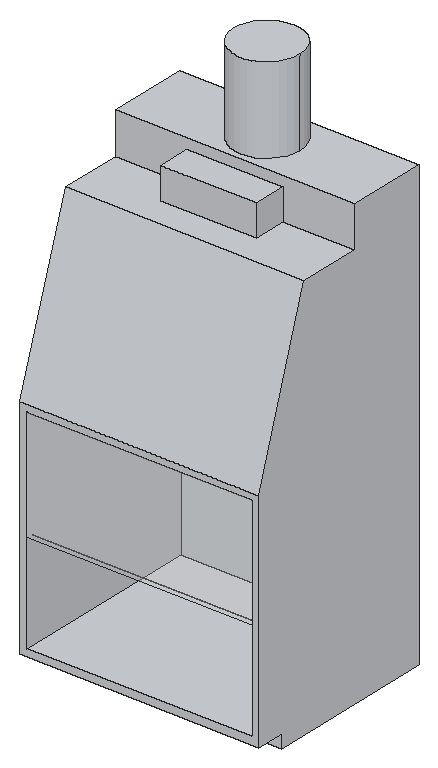
Revit family "7826164626cb4e6d8b4ea6069e4619fd", category Air Terminals, Revit 2021
Family settings
  Round Connector Dimension = Use Diameter
  Part Type = Normal
  OmniClass Number = 23.40.70.11.11.11.14
  OmniClass Title = Laboratory Fume Hoods
  Seek Item ID = Fume Hood - Exhaust - Station-0000-USA-ENU
  Work Plane-Based = No
  Always vertical = Yes
  Cut with Voids When Loaded = No
  Shared = No
  Room Calculation Point = No
Parameters (values of type "36"x30"x80.5"")
  Width 3 = 0' - 9 1/2"
  Width 2 = 1' - 0"
  Width 1 = 0' - 5"
  Voltage = 110 V
  Safety Glass = Glass
  Pressure Drop [instance] = 0.55 in-wg
  Number of Poles = 1
  Min Flow = 290 CFM
  Max Flow = 1166 CFM
  Load Classification = Cooling
  Length 2 = Length 1 / 2  # 0' - 7.2"
  Length 1 = 0.4 * Hood Length  # 1' - 2.4"
  Hood Width = 2' - 6"
  Hood Material = none
  Hood Length = 3' - 0"
  Default Elevation = 0' - 0"
  Apparent Load = 60 VA
  Air Flow [instance] = 1166 CFM
Types (16): name | Width 3 | Width 2 | Width 1 | Safety Glass | Pressure Drop | Length 2 | Length 1 | Hood Width | Hood Length
  (no name) | 0' - 9 1/2" | 1' - 0" | 0' - 5" | Glass | 0.55 in-wg | 0' - 7.2" | 1' - 2.4" | 2' - 6" | 3' - 0"
  36"x30"x80.5" | 0' - 9 1/2" | 1' - 0" | 0' - 5" | Glass | 0.55 in-wg | 0' - 7.2" | 1' - 2.4" | 2' - 6" | 3' - 0"
  36"x36"x80.5" | 1' - 1" | 1' - 2 1/2" | 0' - 8 1/2" | none | 0.00 in-wg | 0' - 7.2" | 1' - 2.4" | 3' - 0" | 3' - 0"
  36"x42"x80.5" | 1' - 4 1/2" | 1' - 5" | 1' - 0" | none | 0.00 in-wg | 0' - 7.2" | 1' - 2.4" | 3' - 6" | 3' - 0"
  48"x30"x80.5" | 0' - 9 1/2" | 1' - 0" | 0' - 5" | none | 0.00 in-wg | 0' - 9.6" | 1' - 7.2" | 2' - 6" | 4' - 0"
  48"x36"x80.5" | 1' - 1" | 1' - 2 1/2" | 0' - 8 1/2" | none | 0.00 in-wg | 0' - 9.6" | 1' - 7.2" | 3' - 0" | 4' - 0"
  48"x42"x80.5" | 1' - 4 1/2" | 1' - 5" | 1' - 0" | none | 0.00 in-wg | 0' - 9.6" | 1' - 7.2" | 3' - 6" | 4' - 0"
  60"x30"x80.5" | 0' - 9 1/2" | 1' - 0" | 0' - 5" | none | 0.00 in-wg | 1' - 0" | 2' - 0" | 2' - 6" | 5' - 0"
  60"x36"x80.5" | 1' - 1" | 1' - 2 1/2" | 0' - 8 1/2" | none | 0.00 in-wg | 1' - 0" | 2' - 0" | 3' - 0" | 5' - 0"
  60"x42"x80.5" | 1' - 4 1/2" | 1' - 5" | 1' - 0" | none | 0.00 in-wg | 1' - 0" | 2' - 0" | 3' - 6" | 5' - 0"
  72"x30"x80.5" | 0' - 9 1/2" | 1' - 0" | 0' - 5" | none | 0.00 in-wg | 1' - 2.4" | 2' - 4.8" | 2' - 6" | 6' - 0"
  72"x36"x80.5" | 1' - 1" | 1' - 2 1/2" | 0' - 8 1/2" | none | 0.00 in-wg | 1' - 2.4" | 2' - 4.8" | 3' - 0" | 6' - 0"
  72"x42"x80.5" | 1' - 4 1/2" | 1' - 5" | 1' - 0" | none | 0.00 in-wg | 1' - 2.4" | 2' - 4.8" | 3' - 6" | 6' - 0"
  96"x30"x80.5" | 0' - 9 1/2" | 1' - 0" | 0' - 5" | none | 0.00 in-wg | 1' - 7.2" | 3' - 2.4" | 2' - 6" | 8' - 0"
  96"x36"x80.5" | 1' - 1" | 1' - 2 1/2" | 0' - 8 1/2" | none | 0.00 in-wg | 1' - 7.2" | 3' - 2.4" | 3' - 0" | 8' - 0"
  96"x42"x80.5" | 1' - 4 1/2" | 1' - 5" | 1' - 0" | none | 0.00 in-wg | 1' - 7.2" | 3' - 2.4" | 3' - 6" | 8' - 0"
Reference planes (in)
  plane 1 "Center (Front/Back)": y = 0
  plane 2: z = 0
  plane 3 "Center (Left/Right)": x = 0
  plane 4: y = 15
  plane 5: y = -15
  plane 6: z = 67.5
  plane 7: z = 2
  plane 8: z = 36
  plane 9: z = 80.5
  plane 10: z = 61.25
  plane 11: z = 66
  plane 12: y = -10.75
  plane 13: y = 3
  plane 14: y = -2
  plane 15: y = -6.5
  plane 16: y = 9
  plane 17: x = -18
  plane 18: x = 18
  plane 19: x = -7.2
  plane 20: x = 7.2
  plane 21: x = -17
  plane 22: x = 17
Forms (in)
  Extrusion 1, solid, material <- "Hood Material"
    sketch origin (0, 0, 0) x (0, 1, 0) y (0, 0, 1)
      loop
        line (15, 0) -> (15, 67.5) -> (3, 67.5) -> (3, 61.25) -> (-6.5, 61.25) -> (-15, 36) -> (-15, 2) -> (-10.75, 2) -> (-10.75, 0) -> (15, 0)
    from -18 to 18
  Extrusion 2, solid, material <- "Hood Material"
    sketch origin (0, 0, 0) x (0, 1, 0) y (0, 0, 1)
      loop
        line (3, 61.25) -> (3, 66) -> (-2, 66) -> (-2, 61.25) -> (3, 61.25)
    from -7.2 to 7.2
  Extrusion 3, solid, material <- "Hood Material"
    sketch origin (0, 0, 0) x (1, 0, 0) y (0, 1, 0)
      loop
        circle (0, 9) r 5
    from 67.5 to 80.5
  Extrusion 4, void
    sketch origin (0, 0, 0) x (0, 1, 0) y (0, 0, 1)
      loop
        line (14, 35) -> (-15, 35) -> (-15, 3) -> (14, 3) -> (14, 35)
    from -17 to 17
  Extrusion 5, solid, material "Glass" <- "Safety Glass"
    sketch origin (0, 0, 0) x (0, 1, 0) y (0, 0, 1)
      loop
        line (-14, 35) -> (-15, 35) -> (-15, 18) -> (-14, 18) -> (-14, 35)
    from -17 to 17
Cuts and joins
  Extrusion 4 cuts Extrusion 1
Dimensions and locks (in)
  equal spacing: plane 4, plane 1 "Center (Front/Back)", plane 5
  "Hood Width": plane 4 to plane 5
  locked: plane 6 to plane 2 at 67.5
  locked: plane 7 to plane 2 at 2
  locked: plane 8 to plane 7 at 34
  locked: plane 9 to plane 6 at 13
  locked: plane 6 to plane 10 at 6.25
  locked: plane 11 to plane 10 at 4.75
  locked: plane 4 to plane 12 at 25.75
  "Width 2": plane 4 to plane 13
  "Width 1": plane 13 to plane 14
  "Width 3": plane 13 to plane 15
  equal spacing: plane 4, plane 16, plane 13
  equal spacing: plane 17, plane 3 "Center (Left/Right)", plane 18
  "Hood Length": plane 17 to plane 18
  "Length 2": plane 19 to plane 3 "Center (Left/Right)"
  "Length 2": plane 3 "Center (Left/Right)" to plane 20
  locked: plane 8 to Extrusion 4 sketch curve at 1
  locked: plane 4 to Extrusion 4 sketch curve at 1
  locked: Extrusion 4 sketch curve to plane 7 at 1
  locked: plane 17 to plane 21 at 1
  locked: plane 22 to plane 18 at 1
  locked: plane 8 to Extrusion 5 sketch curve at 1
  locked: Extrusion 5 sketch curve to Extrusion 5 sketch curve at 17
  locked: Extrusion 5 sketch curve to Extrusion 5 sketch curve at 1
  radius of Extrusion 3 sketch curve = 0' - 5"
  aligned and locked: Extrusion 1 sketch curve to plane 4
  aligned and locked: plane 6 to Extrusion 1 sketch curve
  aligned and locked: plane 13 to Extrusion 1 sketch curve
  aligned and locked: plane 10 to Extrusion 1 sketch curve
  aligned and locked: Extrusion 1 sketch curve to plane 2
  aligned and locked: Extrusion 1 sketch curve to plane 5
  aligned and locked: plane 12 to Extrusion 1 sketch curve
  aligned and locked: Extrusion 1 sketch curve to plane 7
  aligned and locked: plane 8 to Extrusion 1 sketch curve
  aligned and locked: plane 5 to Extrusion 1 sketch curve
  aligned and locked: Extrusion 2 sketch curve to Extrusion 1  (x2)
  aligned and locked: plane 11 to Extrusion 2 sketch curve
  aligned and locked: Extrusion 2 sketch curve to plane 14
  aligned and locked: Extrusion 1 to plane 17
  aligned and locked: Extrusion 1 to plane 18
  aligned and locked: Extrusion 2 to plane 19
  aligned and locked: Extrusion 2 to plane 20
  aligned and locked: plane 16 to Extrusion 3 sketch curve
  aligned and locked: plane 3 "Center (Left/Right)" to Extrusion 3 sketch curve
  aligned and locked: plane 9 to Extrusion 3
  aligned and locked: Extrusion 3 to plane 6
  aligned and locked: plane 5 to Extrusion 4 sketch curve
  aligned and locked: cut or joined group of Extrusion 1, Extrusion 4 to plane 21
  aligned and locked: plane 22 to cut or joined group of Extrusion 1, Extrusion 4
  aligned and locked: plane 5 to Extrusion 5 sketch curve
  aligned and locked: Extrusion 5 to plane 21
  aligned and locked: plane 22 to Extrusion 5
Automatic sketch dimensions
  Extrusion 1 sketch curve to plane 15 = 0' - 0"
Connectors (in)
  hvac at (0, 9, 80.5), driven by "Air Flow", driven by "Pressure Drop"
    settings: on Extrusion 3, index 1, duct flow 1166 CFM, flow factor 0, pres drop 0.55 in-wg, loss coef 0, conn angle 0.00°, conn width 12", conn height 12", conn diameter 10", duct sys type 3, conn prof type 0, flow config 1, flow direction 2, loss method 4, conn ref index -1, conn util no, is conn primary yes, conn desc ""
  electrical at (0, 0.5, 66), driven by "Apparent Load", driven by "Voltage", driven by "Number of Poles", driven by "Load Classification"
    settings: on Extrusion 2, index 2, voltage 110 V, apparent load 60 VA, apparent load phase1 0 VA, apparent load phase2 0 VA, apparent load phase3 0 VA, power factor 0.8, load classification "Cooling", number of poles 1, system type 30, power factor state 1, is connector primary yes, connector utility no, sub classification motor no, connector description ""
